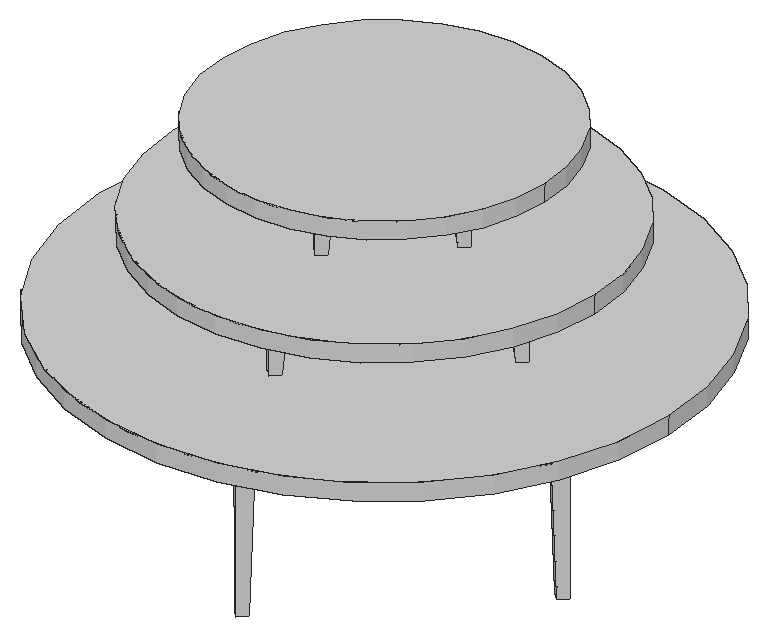
Revit family "ST", category Specialty Equipment, Revit 2012
Parameters (values of type "Round Stacking Tables (Default)")
  URL = "http://madixinc.com/display/freestanding.html"
  Model = "Round Stacking Tables"
  Manufacturer = "© 2012 Madix, Inc. All rights reserved."
Reference planes (in)
  plane 1 "Center (Front/Back)": y = 0
  plane 2: z = 0
  plane 3 "Center (Left/Right)": x = 0
  plane 4: through (0, 0, 48) normal (-0.7071, 0.7071, 0)
Forms (in)
  Extrusion 1, solid, material "Metal - Steel"
    sketch origin (0, 0, 0) x (1, 0, 0) y (0, 1, 0)
      loop
        circle (0, 0) r 19.5
    from 42 to 44
  SweptBlend 2, solid, material "Metal - Steel"
    path origin (0, 0, 0) x (1, 0, 0) y (0, 0, 1)
      loop
        line (-10.5, 42) -> (-10.5, 34)
    profile origin (-10.5, 0, 42) x (0, -1, 0) y (1, 0, 0)
      loop
        line (0, 0) -> (1.41421, 1.41421) -> (0, 2.82843) -> (-1.41421, 1.41421) -> (0, 0)
    end profile origin (-10.5, 0, 34) x (0, -1, 0) y (1, 0, 0)
      loop
        line (0, 0) -> (0.88388, 0.88388) -> (0, 1.76777) -> (-0.88388, 0.88388) -> (0, 0)
  SweptBlend 3, solid, material "Metal - Steel"
    path origin (0, 0, 0) x (-1, 0, 0) y (0, 0, 1)
      loop
        line (-10.5, 42) -> (-10.5, 34)
    profile origin (10.5, 0, 42) x (0, -1, 0) y (1, 0, 0)
      loop
        line (0, 0) -> (-1.41421, -1.41421) -> (0, -2.82843) -> (1.41421, -1.41421) -> (0, 0)
    end profile origin (10.5, 0, 34) x (0, -1, 0) y (1, 0, 0)
      loop
        line (0, 0) -> (-0.88388, -0.88388) -> (0, -1.76777) -> (0.88388, -0.88388) -> (0, 0)
  SweptBlend 4, solid, material "Metal - Steel"
    path origin (0, 0, 0) x (0, -1, 0) y (0, 0, -1)
      loop
        line (-10.5, -42) -> (-10.5, -34)
    profile origin (0, 10.5, 42) x (1, 0, 0) y (0, 1, 0)
      loop
        line (0, 0) -> (-1.41421, -1.41421) -> (0, -2.82843) -> (1.41421, -1.41421) -> (0, 0)
    end profile origin (0, 10.5, 34) x (1, 0, 0) y (0, 1, 0)
      loop
        line (0, 0) -> (-0.88388, -0.88388) -> (0, -1.76777) -> (0.88388, -0.88388) -> (0, 0)
  SweptBlend 5, solid, material "Metal - Steel"
    path origin (0, 0, 0) x (0, 1, 0) y (0, 0, 1)
      loop
        line (-10.5, 42) -> (-10.5, 34)
    profile origin (0, -10.5, 42) x (1, 0, 0) y (0, 1, 0)
      loop
        line (0, 0) -> (1.41421, 1.41421) -> (0, 2.82843) -> (-1.41421, 1.41421) -> (0, 0)
    end profile origin (0, -10.5, 34) x (1, 0, 0) y (0, 1, 0)
      loop
        line (0, 0) -> (0.88388, 0.88388) -> (0, 1.76777) -> (-0.88388, 0.88388) -> (0, 0)
  Extrusion 6, solid, material "Metal - Steel"
    sketch origin (0, 0, 0) x (1, 0, 0) y (0, 1, 0)
      loop
        circle (0, 0) r 25.5
    from 32 to 34
  SweptBlend 7, solid, material "Metal - Steel"
    path origin (-7.07843, 0, -10) x (1, 0, 0) y (0, 0, 1)
      loop
        line (-10.5, 42) -> (-10.5, 34)
    profile origin (-17.57843, 0, 32) x (0, -1, 0) y (1, 0, 0)
      loop
        line (0, 0) -> (1.41421, 1.41421) -> (0, 2.82843) -> (-1.41421, 1.41421) -> (0, 0)
    end profile origin (-17.57843, 0, 24) x (0, -1, 0) y (1, 0, 0)
      loop
        line (0, 0) -> (0.88388, 0.88388) -> (0, 1.76777) -> (-0.88388, 0.88388) -> (0, 0)
  SweptBlend 8, solid, material "Metal - Steel"
    path origin (7.07843, 0, -10) x (-1, 0, 0) y (0, 0, 1)
      loop
        line (-10.5, 42) -> (-10.5, 34)
    profile origin (17.57843, 0, 32) x (0, -1, 0) y (1, 0, 0)
      loop
        line (0, 0) -> (-1.41421, -1.41421) -> (0, -2.82843) -> (1.41421, -1.41421) -> (0, 0)
    end profile origin (17.57843, 0, 24) x (0, -1, 0) y (1, 0, 0)
      loop
        line (0, 0) -> (-0.88388, -0.88388) -> (0, -1.76777) -> (0.88388, -0.88388) -> (0, 0)
  SweptBlend 9, solid, material "Metal - Steel"
    path origin (0, 7.07843, -10) x (0, -1, 0) y (0, 0, 1)
      loop
        line (-10.5, 42) -> (-10.5, 34)
    profile origin (0, 17.57843, 32) x (-1, 0, 0) y (0, -1, 0)
      loop
        line (0, 0) -> (1.41421, 1.41421) -> (0, 2.82843) -> (-1.41421, 1.41421) -> (0, 0)
    end profile origin (0, 17.57843, 24) x (-1, 0, 0) y (0, -1, 0)
      loop
        line (0, 0) -> (0.88388, 0.88388) -> (0, 1.76777) -> (-0.88388, 0.88388) -> (0, 0)
  SweptBlend 10, solid, material "Metal - Steel"
    path origin (0, -7.07843, -10) x (0, 1, 0) y (0, 0, -1)
      loop
        line (-10.5, -42) -> (-10.5, -34)
    profile origin (0, -17.57843, 32) x (-1, 0, 0) y (0, -1, 0)
      loop
        line (0, 0) -> (-1.41421, -1.41421) -> (0, -2.82843) -> (1.41421, -1.41421) -> (0, 0)
    end profile origin (0, -17.57843, 24) x (-1, 0, 0) y (0, -1, 0)
      loop
        line (0, 0) -> (-0.88388, -0.88388) -> (0, -1.76777) -> (0.88388, -0.88388) -> (0, 0)
  Extrusion 11, solid, material "Metal - Steel"
    sketch origin (0, 0, 0) x (1, 0, 0) y (0, 1, 0)
      loop
        circle (0, 0) r 34.5
    from 22 to 24
  SweptBlend 12, solid, material "Metal - Steel"
    path origin (0, 0, 0) x (1, 0, 0) y (0, 0, 1)
      loop
        line (-22.5, 22) -> (-22.5, 0)
    profile origin (-22.5, 0, 22) x (0, -1, 0) y (1, 0, 0)
      loop
        line (0, 0) -> (1.41421, 1.41421) -> (0, 2.82843) -> (-1.41421, 1.41421) -> (0, 0)
    end profile origin (-22.5, 0, 0) x (0, -1, 0) y (1, 0, 0)
      loop
        line (0, 0) -> (0.88388, 0.88388) -> (0, 1.76777) -> (-0.88388, 0.88388) -> (0, 0)
  SweptBlend 13, solid, material "Metal - Steel"
    path origin (0, 0, 0) x (-1, 0, 0) y (0, 0, 1)
      loop
        line (-22.5, 22) -> (-22.5, 0)
    profile origin (22.5, 0, 22) x (0, -1, 0) y (1, 0, 0)
      loop
        line (0, 0) -> (-1.41421, -1.41421) -> (0, -2.82843) -> (1.41421, -1.41421) -> (0, 0)
    end profile origin (22.5, 0, 0) x (0, -1, 0) y (1, 0, 0)
      loop
        line (0, 0) -> (-0.88388, -0.88388) -> (0, -1.76777) -> (0.88388, -0.88388) -> (0, 0)
  SweptBlend 14, solid, material "Metal - Steel"
    path origin (0, 0, 0) x (0, -1, 0) y (0, 0, 1)
      loop
        line (-22.5, 22) -> (-22.5, 0)
    profile origin (0, 22.5, 22) x (-1, 0, 0) y (0, -1, 0)
      loop
        line (0, 0) -> (1.41421, 1.41421) -> (0, 2.82843) -> (-1.41421, 1.41421) -> (0, 0)
    end profile origin (0, 22.5, 0) x (-1, 0, 0) y (0, -1, 0)
      loop
        line (0, 0) -> (0.88388, 0.88388) -> (0, 1.76777) -> (-0.88388, 0.88388) -> (0, 0)
  SweptBlend 15, solid, material "Metal - Steel"
    path origin (0, 0, 0) x (0, 1, 0) y (0, 0, -1)
      loop
        line (-22.5, -22) -> (-22.5, 0)
    profile origin (0, -22.5, 22) x (-1, 0, 0) y (0, -1, 0)
      loop
        line (0, 0) -> (-1.41421, -1.41421) -> (0, -2.82843) -> (1.41421, -1.41421) -> (0, 0)
    end profile origin (0, -22.5, 0) x (-1, 0, 0) y (0, -1, 0)
      loop
        line (0, 0) -> (-0.88388, -0.88388) -> (0, -1.76777) -> (0.88388, -0.88388) -> (0, 0)
Dimensions and locks (in)
  aligned and locked: level to plane 2
